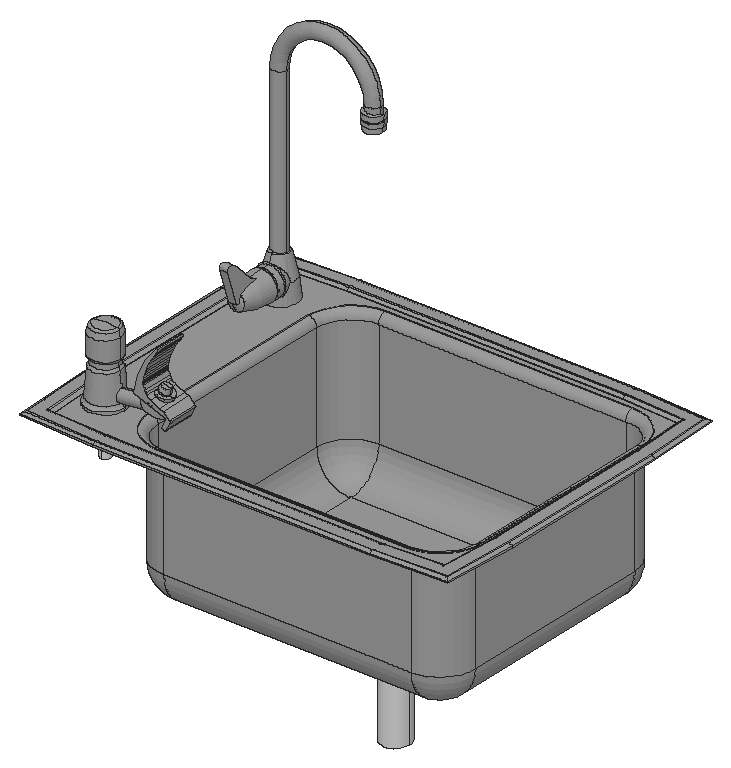
Revit family "equip-sink-clsrm-elkay-s-lustrtne-drkr2217l-vrc", category Plumbing Fixtures, Revit 2019
Family settings
  Round Connector Dimension = Use Radius
  Part Type = Normal
  OmniClass Number = 23.45.05.14.14.27
  OmniClass Title = Service Sinks
  Work Plane-Based = Yes
  Always vertical = Yes
  Cut with Voids When Loaded = No
  Shared = No
  Room Calculation Point = No
Parameters (values of type "DRKR2217LVRC")
  URL = "www.elkayusa.com"
  Stem Material = Metal - Steel
  Specification Sheet URL = "http://www.elkayusa.com/cps/rde/xbcr/elkay/01-20G_DRKR(Q)2217_DRKAD(Q)2217.pdf"
  Sink Width = 1' - 5"
  Sink Part = "DRKR2217L-2"
  Sink Material = Metal - Steel - Stainless - Chrome
  Sink Length = 1' - 10"
  Sink Ledge Right Width Hidden = if(Sink Ledge Right Width > 0' 1 1/2", Sink Ledge Right Width, 0' 1 1/2")  # 0' - 1 1/2"
  Sink Ledge Right Width = 0' - 1 1/2"
  Sink Ledge Left Width Hidden = if(Sink Ledge Left Width > 0' 1 1/2", Sink Ledge Left Width, 0' 1 1/2")  # 0' - 4 1/2"
  Sink Ledge Left Width = 0' - 4 1/2"
  Sink Ledge Front Width Hidden = if(Sink Ledge Front Width > 0' 1 1/2", Sink Ledge Front Width, 0' 1 1/2")  # 0' - 1 3/4"
  Sink Ledge Front Width = 0' - 1 3/4"
  Sink Ledge Back Width Hidden = if(Sink Ledge Back Width > 0' 1 1/2", Sink Ledge Back Width, 0' 1 1/2")  # 0' - 1 3/4"
  Sink Ledge Back Width = 0' - 1 3/4"
  Right Faucet Hole Three Top = 0' - 0 1/8"
  Right Faucet Hole Three = Right Faucet Hole Three Top > 0' 0 63/256"  # no
  Right Faucet Hole OneTwo Top = 0' - 0 1/8"
  Right Faucet Hole OneTwo = Right Faucet Hole OneTwo Top > 0' 0 63/256"  # no
  Right Faucet Hole One to CL = 0' - 4"
  Nominal Radius = Nominal Dia / 2  # 0' - 0 3/16"
  Nominal Dia = 0' - 0 3/8"
  Left Faucet Hole Three = Left Faucet Hole Three Top > 0' 0 63/256"  # no
  Left Faucet Hole OneTwo = Left Faucet Hole OneTwo Top > 0' 0 63/256"  # no
  HW Flow Rate = 2 GPM
  Faucet Part = "LKDVR208513L"
  Faucet Material = Metal - Steel - Stainless - Chrome
  Drain Part = "LKVR18"
  Drain Material = Metal - Steel - Stainless - Chrome
  CW Flow Rate = 2 GPM
  Bubbler Part = "LKVR1141A"
  Bubbler Nominal Radius = Bubbler Nominal Dia / 2  # 0' - 0 1/4"
  Bubbler Nominal Dia = 0' - 0 1/2"
  Bubbler Material = Metal - Steel - Stainless - Chrome
  Bubbler CW Flow Rate = 2 GPM
  Bubbler Back Left = Bubbler Back Left Top > 0' 0 63/256"  # yes
  Bubbler Front Right = Bubbler Front Right Top > 0' 0 63/256"  # no
  Bubbler Front Left = Bubbler Front Left Top > 0' 0 63/256"  # yes
  Bubbler Back Right = Bubbler Back Right Top > 0' 0 63/256"  # no
  Back Faucet Hole Three = Back Faucet Hole Three Top > 0' 0 63/256"  # no
  Back Faucet Hole OneTwo = Back Faucet Hole OneTwo Top > 0' 0 63/256"  # no
  Back Faucet CL to Back = 0' - 2 1/4"
  Left Faucet Hole Three Top = 0' - 0 1/8"
  Left Faucet Hole OneTwo Top = 0' - 0 1/8"
  Bubbler Back Right Top = 0' - 0 1/8"
  Bubbler Front Right Radius = 0' - 0 9/16"
  Bubbler Front Left Radius = 0' - 0 9/16"
  Back Faucet Hole One to CL = 0' - 4"
  Drain CL LR to Left Bowl Edge = Bowl Length / 2  # 0' - 8"
  Bubbler Right from Edge = 0' - 2 1/4"
  Bubbler Back Left Top = 0' - 0 1/2"
  Bubbler Front Left Top = 0' - 0 1/2"
  Bubbler Left From Edge = 0' - 2 1/4"
  Back Faucet Hole Three Top = 0' - 0 1/8"
  Back Faucet Hole OneTwo Top = 0' - 0 1/8"
  Bowl Depth = 0' - 7 5/8"
  Bubbler Front Right Top = 0' - 0 1/8"
  Sanitary Flow Rate = 10 GPM
  OmniClass Title = "Service Sinks"
  OmniClass Code = "23.45.05.14.14.27"
  Sanitary Nominal Radius = Sanitary Nominal Dia / 2  # 0' - 0 3/4"
  Sanitary Nominal Dia = 0' - 1 1/2"
  Model = "DRKR2217LVRC"
  Minimum Cabinet Width = "27\""
  MasterFormat Title = "Commercial Sinks"
  MasterFormat Number = "22.42.16.16"
  Manufacturer = "Elkay Manufacturing"
  Bowl Drain Location FB = 0' - 6 3/4"
  Description = "Lustertone Classroom Single Bowl Sink"  # constant formula
  Default Elevation = 3' - 0"
  Deep Specification Sheet URL = ""
  Date Created = "2011-05-08"
  Bowl Length = Sink Length - Sink Ledge Left Width - Sink Ledge Right Width  # 1' - 4"
  Bowl Width = (Sink Width - Sink Ledge Front Width - Sink Ledge Back Width)  # 1' - 1 1/2"
  Assembly Code = "D2010410"
Reference planes (in)
  plane 1 "CL Sink Hole": y = 0
  plane 2 "Sink Deck": z = 0
  plane 3 "Center (Left/Right)": x = 0
  plane 4 "Basin Edge Left": x = -6.5
  plane 5 "Basin Edge Right": x = 9.5
  plane 6 "Back Right Bowl Edge": y = 6.75
  plane 7 "Basin Edge Front": y = -6.75
  plane 8 "Left": x = -11
  plane 9 "Right": x = 11
  plane 10 "Back": y = 8.5
  plane 11 "Front": y = -8.5
  plane 12 "Sink Angle Back Corner": y = 8.3125
  plane 13 "Sink Angle Right Corner": x = 10.8125
  plane 14 "Sink Angle Right": x = 7
  plane 15 "Sink Angle Back": y = 4.5
  plane 16 "Sink Angle Left": x = -7
  plane 17 "Sink Angle Left Corner": x = -10.8125
  plane 18 "Sink Angle Front Corner": y = -8.3125
  plane 19 "Sink Angle Front": y = -4.5
  plane 20 "Edge Opening Right": x = 9.921875
  plane 21 "Edge Opening Left": x = -6.921875
  plane 22 "Sink Top Piece Bottom Face": z = -0.0625
  plane 23 "Top Radius Corner Prot": z = -0.421875
  plane 24 "Left Sink Bottom Piece Left Edge": x = -4.8125
  plane 25 "Sink Bottom Piece Right Edge": x = 7.8125
  plane 26 "Sink Bottom Piece Back Edge": y = 5.0625
  plane 27 "Sink Bottom Piece Front Edge": y = -5.0625
  plane 28 "Center (Front/Back)": y = 0
  plane 29 "Right Bowl CL Drain": x = 1.5
  plane 30 "Edge Opening Front": y = -7.171875
  plane 31 "Right Sink Right Edge Radius": x = 7.75
  plane 32 "Front Edge Bottom Edge Radius": y = -5
  plane 33 "Back Edge Bottom Edge Radius": y = 5
  plane 34 "Back Right Edge Opening": y = 7.171875
  plane 35 "Left Bowl Bottom Edge Radius": x = -4.75
  plane 36 "Masking Region": z = 1.2515695
  plane 37 "Sink Angle Right Inside Corner": x = 9.9925507
  plane 38 "Sink Angle Back Inside Corner": y = 7.4925507
  plane 39 "Sink Angle Front Inside Corner": y = -7.4925507
  plane 40 "Sink Angle Left Inside Corner": x = -9.9925507
  plane 41 "Sink Angle Right Inside Offset Corner": x = 9.8511143
  plane 42 "Sink Angle Back Inside Offset Corner": y = 7.3511143
  plane 43 "Sink Angle Front Inside Offset Corner": y = -7.3511143
  plane 44 "Sink Angle Left Inside Offset Corner": x = -9.8511143
  plane 45 "Right Bowl Bottom Top Face": z = -7.5047681
  plane 46 "Right Bowl Bottom Bottom Face": z = -7.5672681
  plane 47 "Right Bowl Bottom Top of Radius": z = -5.8172681
  plane 48 "Right Sink Drain Elev Bottom": z = -9.0047681
  plane 49 "Right Sink Drain Top Elev": z = -8.7547681
  plane 50 "Faucet Hole Bottom": z = -0.25
  plane 51 "Left Faucet Hole Top": z = -0.125
  plane 52 "Faucet Hole CL Front/Back": y = 6.25
  plane 53 "Faucet Back Hole One-Two": z = -0.125
  plane 54 "Right Faucet Hole 1": x = -2.5
  plane 55 "Right Faucet Hole 2": x = 1.5
  plane 56 "Right Faucet Hole 3": x = 5.5
  plane 57 "Left  Bubbler CL Left/Right": x = -8.75
  plane 58 "Right Bubbler CL Left/Right": x = 8.75
  plane 59 "Bubbler Front CL": y = -5.5
  plane 60 "Top of Rim": z = 0.1202319
  plane 61 "CL Bowl Left/Right": x = 1.5
  plane 62 "Left Front Bubbler Top": z = 0.25
  plane 63 "Faucet Back Hole Three": z = -0.125
  plane 64 "Bubbler Rear CL F B": y = 5.5
  plane 65 "Bubbler Rear Left Top": z = 0.25
  plane 66 "Right Faucet Hole Three": y = 4
  plane 67 "Right Faucet Hole Two": y = 0
  plane 68 "Right Faucet Hole One": y = -4
  plane 69 "CL Bowl Front/Back": y = 0
  plane 70 "Right Faucet Hole OneTwo Top": z = -0.125
  plane 71 "Right Faucet Hole Three Top": z = -0.125
  plane 72 "Left Faucet Hole OneTwo Top": z = -0.125
  plane 73 "Left Faucet Hole Three Top": z = -0.125
  plane 74 "Bubble Rear Right Top": z = -0.125
Forms (in)
  Extrusion 1, solid, material "Metal - Steel - Stainless - Chrome" <- "Sink Material"
    sketch origin (0, 0, 0) x (1, 0, 0) y (0, 1, 0)
      loop
        line (-4.75, -7.171875) -> (7.75, -7.171875)
        arc (7.75, -7.171875) -> (9.2857475, -6.5357475) -> (9.921875, -5) r 2.171875
        line (9.921875, -5) -> (9.921875, 5)
        arc (9.921875, 5) -> (9.2857475, 6.5357475) -> (7.75, 7.171875) r 2.171875
        line (7.75, 7.171875) -> (-4.75, 7.171875)
        arc (-4.75, 7.171875) -> (-6.2857475, 6.5357475) -> (-6.921875, 5) r 2.171875
        line (-6.921875, 5) -> (-6.921875, -5)
        arc (-6.921875, -5) -> (-6.2857475, -6.5357475) -> (-4.75, -7.171875) r 2.171875
      loop
        line (-7, 7.4925507) -> (-9.8511143, 7.3511143) -> (-9.9925507, 4.5) -> (-9.9925507, -4.5) -> (-9.8511143, -7.3511143) -> (-7, -7.4925507) -> (7, -7.4925507) -> (9.8511143, -7.3511143) -> (9.9925507, -4.5) -> (9.9925507, 4.5) -> (9.8511143, 7.3511143) -> (7, 7.4925507) -> (-7, 7.4925507)
    from -0.0625 to 0
  Extrusion 2, solid, material "Metal - Steel - Stainless - Chrome" <- "Sink Material"
    sketch origin (0, 0, 0) x (1, 0, 0) y (0, 1, 0)
      loop
        arc (-4.75, 5.0625) -> (-4.7941942, 5.0441942) -> (-4.8125, 5) r 0.0625
        line (-4.8125, 5) -> (-4.8125, -5)
        arc (-4.8125, -5) -> (-4.7941942, -5.0441942) -> (-4.75, -5.0625) r 0.0625
        line (-4.75, -5.0625) -> (7.75, -5.0625)
        arc (7.75, -5.0625) -> (7.7941942, -5.0441942) -> (7.8125, -5) r 0.0625
        line (7.8125, -5) -> (7.8125, 5)
        arc (7.8125, 5) -> (7.7941942, 5.0441942) -> (7.75, 5.0625) r 0.0625
        line (7.75, 5.0625) -> (-4.75, 5.0625)
      loop
        circle (1.5, 0) r 2.25
    from -7.5672681 to -7.5047681
  Sweep 3, solid, material "Metal - Steel - Stainless - Chrome" <- "Sink Material"
    path origin (0, 0, -7.5047681) x (-1, 0, 0) y (0, -1, 0)
      loop
        circle (-1.5, 0) r 2.25
    profile "profile-elkay-sink-d4-csk : profile-elkay-sink-d4-csk" origin (1.5, -2.25, -7.5047681) x (0, 1, 0) y (0, 0, 1)
      loop
        line (0.5, -0.2911069) -> (0.1564602, -0.1343744)
        arc (0.1564602, -0.1343744) -> (0.1424945, -0.125589) -> (0.1313144, -0.1134552) r 0.0625
        line (0.1313144, -0.1134552) -> (0.0881719, -0.0522605)
        arc (0.0881719, -0.0522605) -> (0.0506391, -0.015074) -> (0, 0) r 0.1086
        line (0, 0) -> (0, -0.0461763)
        arc (0, -0.0461763) -> (0.0262058, -0.0541921) -> (0.0464633, -0.0726483) r 0.0625
        line (0.0464633, -0.0726483) -> (0.093406, -0.1396891)
        arc (0.093406, -0.1396891) -> (0.1129384, -0.1609677) -> (0.1373891, -0.1763448) r 0.1086
        line (0.1373891, -0.1763448) -> (0.5, -0.3417784) -> (0.5, -0.2911069)
  Sweep 4, solid, material "Metal - Steel - Stainless - Chrome" <- "Sink Material"
    path origin (0, 0, 0) x (1, 0, 0) y (0, 1, 0)
      loop
        line (-4.75, -6.75) -> (7.75, -6.75)
        arc (7.75, -6.75) -> (8.9874369, -6.2374369) -> (9.5, -5) r 1.75
        line (9.5, -5) -> (9.5, 5)
        arc (9.5, 5) -> (8.9874369, 6.2374369) -> (7.75, 6.75) r 1.75
        line (7.75, 6.75) -> (-4.75, 6.75)
        arc (-4.75, 6.75) -> (-5.9874369, 6.2374369) -> (-6.5, 5) r 1.75
        line (-6.5, 5) -> (-6.5, -5)
        arc (-6.5, -5) -> (-5.9874369, -6.2374369) -> (-4.75, -6.75) r 1.75
    profile origin (1.5, -6.75, 0) x (0, 1, 0) y (0, 0, 1)
      loop
        arc (0, -0.421875) -> (-0.1235643, -0.1235643) -> (-0.421875, 0) r 0.421875
        line (-0.421875, 0) -> (-0.421875, -0.0625)
        arc (-0.421875, -0.0625) -> (-0.1677585, -0.1677585) -> (-0.0625, -0.421875) r 0.359375
        line (-0.0625, -0.421875) -> (-0.0625, -5.8172681)
        arc (-0.0625, -5.8172681) -> (0.4500631, -7.054705) -> (1.6875, -7.5672681) r 1.75
        line (1.6875, -7.5672681) -> (1.6875, -7.5047681)
        arc (1.6875, -7.5047681) -> (0.4942573, -7.0105108) -> (0, -5.8172681) r 1.6875
        line (0, -5.8172681) -> (0, -0.421875)
  Extrusion 5, solid, material "Glass", not visible
    sketch origin (0, 0, -4.7547681) x (0, -1, 0) y (1, 0, 0)
      loop
        circle (0, 1.5) r 0.75
    from -4.25 to -4
  Sweep 6, solid, material "Metal - Steel - Stainless - Chrome" <- "Sink Material"
    path origin (0, 0, 0) x (1, 0, 0) y (0, 1, 0)
      loop
        line (-7, -8.5) -> (7, -8.5) -> (10.8125, -8.3125) -> (11, -4.5) -> (11, 4.5) -> (10.8125, 8.3125) -> (7, 8.5) -> (-7, 8.5) -> (-10.8125, 8.3125) -> (-11, 4.5) -> (-11, -4.5) -> (-10.8125, -8.3125) -> (-7, -8.5)
    profile "profile-elkay-sink-rim-9 : profile-elkay-sink-rim-9" origin (0, -8.5, 0) x (0, 1, 0) y (0, 0, 1)
      loop
        line (0, 0.0163327) -> (0, -0.0360681) -> (0.2039181, 0.0741316) -> (0.8052651, 0.0741316) -> (1.0074493, -0.0546586) -> (1.0074493, 0) -> (0.841093, 0.1059673)
        arc (0.841093, 0.1059673) -> (0.8176388, 0.1165931) -> (0.7921483, 0.1202319) r 0.091102
        line (0.7921483, 0.1202319) -> (0.2153023, 0.1202319)
        arc (0.2153023, 0.1202319) -> (0.1929626, 0.1174506) -> (0.1719868, 0.1092765) r 0.0911081
        line (0.1719868, 0.1092765) -> (0, 0.0163327)
  Extrusion 7, void
    sketch origin (0, 0, 0) x (1, 0, 0) y (0, 1, 0)
      loop
        circle (-8.75, -5.5) r 0.5625
    from -0.25 to 0.25
  Extrusion 8, void
    sketch origin (0, 0, 0) x (1, 0, 0) y (0, 1, 0)
      loop
        circle (-8.75, 5.5) r 0.5625
    from -0.25 to 0.25
Cuts and joins
  joined: Extrusion 2, Sweep 3, Sweep 4
  Extrusion 7, Extrusion 8 cuts Extrusion 1
Lines and regions (in)
  Masking region 1
    outline origin (0, 0, 1.2515695) x (-1, 0, 0) y (0, -1, 0)
      loop
        line (7, -8.5) -> (10.8125, -8.3125) -> (11, -4.5) -> (11, 4.5) -> (10.8125, 8.3125) -> (7, 8.5) -> (-7, 8.5) -> (-10.8125, 8.3125) -> (-11, 4.5) -> (-11, -4.5) -> (-10.8125, -8.3125) -> (-7, -8.5) -> (7, -8.5)
  reference lines, not visible
    curve 1: line (7, 8.5, 0) -> (10.8125, 8.3125, 0)
    curve 2: line (10.8125, 8.3125, 0) -> (11, 4.5, 0)
    curve 3: line (-7, 8.5, 0) -> (-10.8125, 8.3125, 0)
    curve 4: line (-10.8125, 8.3125, 0) -> (-11, 4.5, 0)
    curve 5: line (-11, -4.5, 0) -> (-10.8125, -8.3125, 0)
    curve 6: line (-10.8125, -8.3125, 0) -> (-7, -8.5, 0)
    curve 7: line (11, -4.5, 0) -> (10.8125, -8.3125, 0)
    curve 8: line (10.8125, -8.3125, 0) -> (7, -8.5, 0)
    curve 9: arc (0, -6.75, -0.421875) -> (0, -6.8735643, -0.1235643) -> (0, -7.171875, 0) r 0.421875
    curve 10: arc (7.8125, 5, 0) -> (7.7941942, 5.0441942, 0) -> (7.75, 5.0625, 0) r 0.0625
    curve 11: arc (-5.8125, 5, 0) -> (-5.7941942, 5.0441942, 0) -> (-5.75, 5.0625, 0) r 0.0625
    curve 12: arc (-5.75, -5.0625, 0) -> (-5.7941942, -5.0441942, 0) -> (-5.8125, -5, 0) r 0.0625
    curve 13: arc (7.8125, -5, 0) -> (7.7941942, -5.0441942, 0) -> (7.75, -5.0625, 0) r 0.0625
    curve 14: arc (9.5, 5, 0) -> (8.9874369, 6.2374369, 0) -> (7.75, 6.75, 0) r 1.75
    curve 15: arc (9.5, -5, 0) -> (8.9874369, -6.2374369, 0) -> (7.75, -6.75, 0) r 1.75
    curve 21: circle (1.5, 0, -9.0047681) r 0.75 normal (0, 0, 1)
  reference lines
    curve 16: arc (9.921875, 5, 0) -> (9.2857475, 6.5357475, 0) -> (7.75, 7.171875, 0) r 2.171875
    curve 17: arc (9.921875, -5, 0) -> (9.2857475, -6.5357475, 0) -> (7.75, -7.171875, 0) r 2.171875
    curve 22: line (9.9925507, -4.5, 0) -> (9.8511143, -7.3511143, 0)
    curve 23: line (7, -7.4925507, 0) -> (9.8511143, -7.3511143, 0)
    curve 24: line (-9.9925507, -4.5, 0) -> (-9.8511143, -7.3511143, 0)
    curve 25: line (9.9925507, 4.5, 0) -> (9.8511143, 7.3511143, 0)
    curve 26: line (9.8511143, 7.3511143, 0) -> (7, 7.4925507, 0)
    curve 27: line (-7, 7.4925507, 0) -> (-9.8511143, 7.3511143, 0)
    curve 28: line (-9.8511143, 7.3511143, 0) -> (-9.9925507, 4.5, 0)
    curve 29: line (-7, -7.4925507, 0) -> (-9.8511143, -7.3511143, 0)
    curve 30: arc (0, -5.0625, -7.5047681) -> (0, -6.2557427, -7.0105108) -> (0, -6.75, -5.8172681) r 1.6875
    curve 31: arc (-4.75, -5.0625, 0) -> (-4.7941942, -5.0441942, 0) -> (-4.8125, -5, 0) r 0.0625
    curve 32: arc (-4.75, -6.75, 0) -> (-5.9874369, -6.2374369, 0) -> (-6.5, -5, 0) r 1.75
    curve 33: arc (-6.921875, -5, 0) -> (-6.2857475, -6.5357475, 0) -> (-4.75, -7.171875, 0) r 2.171875
    curve 34: arc (-6.5, 5, 0) -> (-5.9874369, 6.2374369, 0) -> (-4.75, 6.75, 0) r 1.75
    curve 35: arc (-6.921875, 5, 0) -> (-6.2857475, 6.5357475, 0) -> (-4.75, 7.171875, 0) r 2.171875
    curve 36: arc (-4.8125, 5, 0) -> (-4.7941942, 5.0441942, 0) -> (-4.75, 5.0625, 0) r 0.0625
    curve 54: circle (-8.75, -5.5, 0) r 0.5625 normal (0, 0, 1)
  symbolic lines, style "Sinks"
    curve 18: line (9.5, 5, 1.2515695) -> (9.5, -5, 1.2515695)
    curve 19: arc (9.5, -5, 1.2515695) -> (8.9874369, -6.2374369, 1.2515695) -> (7.75, -6.75, 1.2515695) r 1.75
    curve 20: arc (9.5, 5, 1.2515695) -> (8.9874369, 6.2374369, 1.2515695) -> (7.75, 6.75, 1.2515695) r 1.75
    curve 37: line (-4.75, 6.75, 1.2515695) -> (7.75, 6.75, 1.2515695)
    curve 38: line (-4.75, -6.75, 1.2515695) -> (7.75, -6.75, 1.2515695)
    curve 39: line (-6.5, 5, 1.2515695) -> (-6.5, -4.7191231, 1.2515695)
    curve 40: arc (-4.75, -6.75, 1.2515695) -> (-5.388996, -6.6291667, 1.2515695) -> (-5.9397497, -6.2833533, 1.2515695) r 1.75
    curve 41: arc (-6.5, 5, 1.2515695) -> (-6.4988979, 5.0620968, 1.2515695) -> (-6.4955931, 5.1241153, 1.2515695) r 1.75
    curve 42: line (-7, 7.4925507, 1.2515695) -> (7, 7.4925507, 1.2515695)
    curve 43: line (-9.9925507, -4.5, 1.2515695) -> (-9.9925507, 4.5, 1.2515695)
    curve 44: line (9.9925507, 4.5, 1.2515695) -> (9.9925507, -4.5, 1.2515695)
    curve 45: line (7, -7.4925507, 1.2515695) -> (-7, -7.4925507, 1.2515695)
    curve 46: line (9.9925507, -4.5, 1.2515695) -> (9.8511143, -7.3511143, 1.2515695)
    curve 47: line (7, -7.4925507, 1.2515695) -> (9.8511143, -7.3511143, 1.2515695)
    curve 48: line (-7, -7.4925507, 1.2515695) -> (-9.8511143, -7.3511143, 1.2515695)
    curve 49: line (-7, 7.4925507, 1.2515695) -> (-9.8511143, 7.3511143, 1.2515695)
    curve 50: line (-9.8511143, 7.3511143, 1.2515695) -> (-9.9925507, 4.5, 1.2515695)
    curve 51: line (9.8511143, 7.3511143, 1.2515695) -> (7, 7.4925507, 1.2515695)
    curve 52: line (9.9925507, 4.5, 1.2515695) -> (9.8511143, 7.3511143, 1.2515695)
    curve 53: line (-9.9925507, -4.5, 1.2515695) -> (-9.8511143, -7.3511143, 1.2515695)
    curve 57: circle (1.5, 0, 1.2515695) r 2.25 normal (0, 0, 1)
    curve 58: circle (1.5, 0, 1.2515695) r 1.75 normal (0, 0, 1)
    curve 59: arc (-6.2651505, 5.875682, 1.2515695) -> (-5.624659, 6.5157413, 1.2515695) -> (-4.75, 6.75, 1.2515695) r 1.75
  symbolic lines, style "InvisibleLines", visible <- "Bubbler Back Left"
    curve 55: circle (-8.75, 5.5, 1.2515695) r 0.5625 normal (0, 0, 1)
  symbolic lines, style "InvisibleLines", visible <- "Bubbler Front Left"
    curve 56: circle (-8.75, -5.5, 1.2515695) r 0.5625 normal (0, 0, 1)
  symbolic lines, style "InvisibleLines"
    curve 60: arc (-6.4955931, 5.1241153, 1.2515695) -> (-6.4231185, 5.5130055, 1.2515695) -> (-6.2651505, 5.875682, 1.2515695) r 1.75
    curve 61: line (-6.5, -4.7191231, 1.2515695) -> (-6.5, -5, 1.2515695)
    curve 62: arc (-5.9397497, -6.2833533, 1.2515695) -> (-6.3538332, -5.7001565, 1.2515695) -> (-6.5, -5, 1.2515695) r 1.75
Dimensions and locks (in)
  "Sink Ledge Left Width Hidden": plane 8 "Left" to plane 4 "Basin Edge Left"
  "Sink Ledge Right Width Hidden": plane 5 "Basin Edge Right" to plane 9 "Right"
  "Sink Length": plane 8 "Left" to plane 9 "Right"
  "Bowl Drain Location FB": plane 6 "Back Right Bowl Edge" to plane 1 "CL Sink Hole"
  "Sink Ledge Back Width Hidden": plane 10 "Back" to plane 6 "Back Right Bowl Edge"
  "Sink Ledge Front Width Hidden": plane 7 "Basin Edge Front" to plane 11 "Front"
  locked: plane 13 "Sink Angle Right Corner" to plane 9 "Right" at 0.1875
  locked: plane 10 "Back" to plane 12 "Sink Angle Back Corner" at 0.1875
  locked: plane 14 "Sink Angle Right" to plane 9 "Right" at 4
  locked: plane 10 "Back" to plane 15 "Sink Angle Back" at 4
  locked: plane 8 "Left" to plane 17 "Sink Angle Left Corner" at 0.1875
  locked: plane 8 "Left" to plane 16 "Sink Angle Left" at 4
  locked: plane 18 "Sink Angle Front Corner" to plane 11 "Front" at 0.1875
  locked: plane 19 "Sink Angle Front" to plane 11 "Front" at 4
  "Sink Width": plane 10 "Back" to plane 11 "Front"
  locked: plane 21 "Edge Opening Left" to plane 4 "Basin Edge Left" at 0.421875
  locked: plane 27 "Sink Bottom Piece Front Edge" to plane 7 "Basin Edge Front" at 1.6875
  locked: plane 4 "Basin Edge Left" to plane 24 "Left Sink Bottom Piece Left Edge" at 1.6875
  locked: plane 25 "Sink Bottom Piece Right Edge" to plane 5 "Basin Edge Right" at 1.6875
  locked: plane 6 "Back Right Bowl Edge" to plane 26 "Sink Bottom Piece Back Edge" at 1.6875
  locked: plane 5 "Basin Edge Right" to plane 20 "Edge Opening Right" at 0.421875
  equal spacing: plane 10 "Back", plane 28 "Center (Front/Back)", plane 11 "Front"
  equal spacing: plane 8 "Left", plane 3 "Center (Left/Right)", plane 9 "Right"
  locked: plane 31 "Right Sink Right Edge Radius" to plane 25 "Sink Bottom Piece Right Edge" at 0.0625
  locked: plane 32 "Front Edge Bottom Edge Radius" to plane 27 "Sink Bottom Piece Front Edge" at 0.0625
  locked: plane 26 "Sink Bottom Piece Back Edge" to plane 33 "Back Edge Bottom Edge Radius" at 0.0625
  locked: plane 34 "Back Right Edge Opening" to plane 6 "Back Right Bowl Edge" at 0.421875
  locked: plane 7 "Basin Edge Front" to plane 30 "Edge Opening Front" at 0.421875
  locked: plane 24 "Left Sink Bottom Piece Left Edge" to plane 35 "Left Bowl Bottom Edge Radius" at 0.0625
  locked: plane 2 "Sink Deck" to plane 23 "Top Radius Corner Prot" at 0.421875
  locked: plane 2 "Sink Deck" to plane 22 "Sink Top Piece Bottom Face" at 0.0625
  locked: plane 36 "Masking Region" to plane 2 "Sink Deck" at 1.2515695
  locked: plane 37 "Sink Angle Right Inside Corner" to plane 9 "Right" at 1.0074493
  locked: plane 8 "Left" to plane 40 "Sink Angle Left Inside Corner" at 1.0074493
  locked: plane 10 "Back" to plane 38 "Sink Angle Back Inside Corner" at 1.0074493
  locked: plane 39 "Sink Angle Front Inside Corner" to plane 11 "Front" at 1.0074493
  locked: plane 41 "Sink Angle Right Inside Offset Corner" to plane 37 "Sink Angle Right Inside Corner" at 0.1414364
  locked: plane 42 "Sink Angle Back Inside Offset Corner" to plane 38 "Sink Angle Back Inside Corner" at 0.1414364
  locked: plane 39 "Sink Angle Front Inside Corner" to plane 43 "Sink Angle Front Inside Offset Corner" at 0.1414364
  locked: plane 40 "Sink Angle Left Inside Corner" to plane 44 "Sink Angle Left Inside Offset Corner" at 0.1414364
  locked: plane 47 "Right Bowl Bottom Top of Radius" to plane 45 "Right Bowl Bottom Top Face" at 1.6875
  locked: plane 45 "Right Bowl Bottom Top Face" to plane 46 "Right Bowl Bottom Bottom Face" at 0.0625
  "Bowl Depth": plane 60 "Top of Rim" to plane 45 "Right Bowl Bottom Top Face"
  locked: plane 49 "Right Sink Drain Top Elev" to plane 48 "Right Sink Drain Elev Bottom" at 0.25
  locked: plane 45 "Right Bowl Bottom Top Face" to plane 48 "Right Sink Drain Elev Bottom" at 1.5
  "Back Faucet CL to Back": plane 10 "Back" to plane 52 "Faucet Hole CL Front/Back"
  locked: plane 2 "Sink Deck" to plane 50 "Faucet Hole Bottom" at 0.25
  "Bubbler Front Right Top": plane 51 "Left Faucet Hole Top" to plane 50 "Faucet Hole Bottom"
  "Back Faucet Hole OneTwo Top": plane 53 "Faucet Back Hole One-Two" to plane 50 "Faucet Hole Bottom"
  "Drain CL LR to Left Bowl Edge": plane 4 "Basin Edge Left" to plane 29 "Right Bowl CL Drain"
  locked: plane 54 "Right Faucet Hole 1" to plane 55 "Right Faucet Hole 2" at 4
  locked: plane 54 "Right Faucet Hole 1" to plane 56 "Right Faucet Hole 3" at 8
  "Bubbler Right from Edge": plane 58 "Right Bubbler CL Left/Right" to plane 9 "Right"
  "Bubbler Left From Edge": plane 8 "Left" to plane 57 "Left  Bubbler CL Left/Right"
  locked: plane 59 "Bubbler Front CL" to plane 11 "Front" at 3
  locked: plane 60 "Top of Rim" to plane 2 "Sink Deck" at 0.1202319
  "Back Faucet Hole One to CL": plane 54 "Right Faucet Hole 1" to plane 61 "CL Bowl Left/Right"
  equal spacing: plane 4 "Basin Edge Left", plane 61 "CL Bowl Left/Right", plane 5 "Basin Edge Right"
  "Bubbler Front Left Top": plane 62 "Left Front Bubbler Top" to plane 50 "Faucet Hole Bottom"
  "Back Faucet Hole Three Top": plane 50 "Faucet Hole Bottom" to plane 63 "Faucet Back Hole Three"
  locked: plane 10 "Back" to plane 64 "Bubbler Rear CL F B" at 3
  "Bubbler Back Left Top": plane 65 "Bubbler Rear Left Top" to plane 50 "Faucet Hole Bottom"
  equal spacing: plane 6 "Back Right Bowl Edge", plane 69 "CL Bowl Front/Back", plane 7 "Basin Edge Front"
  "Right Faucet Hole One to CL": plane 69 "CL Bowl Front/Back" to plane 68 "Right Faucet Hole One"
  locked: plane 67 "Right Faucet Hole Two" to plane 68 "Right Faucet Hole One" at 4
  locked: plane 66 "Right Faucet Hole Three" to plane 68 "Right Faucet Hole One" at 8
  "Right Faucet Hole OneTwo Top": plane 70 "Right Faucet Hole OneTwo Top" to plane 50 "Faucet Hole Bottom"
  "Right Faucet Hole Three Top": plane 71 "Right Faucet Hole Three Top" to plane 50 "Faucet Hole Bottom"
  "Left Faucet Hole OneTwo Top": plane 72 "Left Faucet Hole OneTwo Top" to plane 50 "Faucet Hole Bottom"
  "Left Faucet Hole Three Top": plane 73 "Left Faucet Hole Three Top" to plane 50 "Faucet Hole Bottom"
  "Bubbler Back Right Top": plane 74 "Bubble Rear Right Top" to plane 50 "Faucet Hole Bottom"
  "Sanitary Nominal Radius": radius of curve 21
  "Bubbler Front Left Radius": radius of curve 54
  aligned: Extrusion 1 to plane 22 "Sink Top Piece Bottom Face"
  aligned and locked: Extrusion 2 sketch curve to curve 13
  aligned and locked: Extrusion 2 sketch curve to curve 10
  aligned and locked: Sweep 4 sketch curve to curve 14
  aligned and locked: Sweep 4 sketch curve to curve 15
  aligned and locked: Sweep 4 sketch curve to curve 9
  aligned and locked: Extrusion 1 sketch curve to curve 16
  aligned and locked: Extrusion 1 sketch curve to curve 17
  aligned and locked: plane 2 "Sink Deck" to Extrusion 1
  aligned and locked: Extrusion 1 to plane 22 "Sink Top Piece Bottom Face"
  aligned and locked: curve 19 to curve 15
  aligned and locked: curve 20 to curve 14
  aligned and locked: Extrusion 5 sketch curve to curve 21
  aligned and locked: Sweep 6 sketch curve to plane 11 "Front"
  aligned and locked: Sweep 6 sketch curve to plane 9 "Right"
  aligned and locked: Sweep 6 sketch curve to plane 10 "Back"
  aligned and locked: Sweep 6 sketch curve to plane 8 "Left"
  aligned and locked: Sweep 6 sketch curve to curve 4
  aligned and locked: Sweep 6 sketch curve to curve 5
  aligned and locked: Sweep 6 sketch curve to curve 7
  aligned and locked: Sweep 6 sketch curve to curve 8
  aligned and locked: Sweep 6 sketch curve to curve 2
  aligned and locked: Sweep 6 sketch curve to curve 1
  aligned and locked: Sweep 6 sketch curve to curve 3
  aligned and locked: Sweep 6 sketch curve to curve 6
  aligned and locked: Extrusion 1 sketch curve to plane 38 "Sink Angle Back Inside Corner"
  aligned and locked: Extrusion 1 sketch curve to plane 40 "Sink Angle Left Inside Corner"
  aligned and locked: Extrusion 1 sketch curve to plane 37 "Sink Angle Right Inside Corner"
  aligned and locked: Extrusion 1 sketch curve to plane 39 "Sink Angle Front Inside Corner"
  aligned and locked: Extrusion 1 sketch curve to curve 29
  aligned and locked: Extrusion 1 sketch curve to curve 24
  aligned and locked: Extrusion 1 sketch curve to curve 27
  aligned and locked: Extrusion 1 sketch curve to curve 28
  aligned and locked: Extrusion 1 sketch curve to curve 26
  aligned and locked: Extrusion 1 sketch curve to curve 25
  aligned and locked: Extrusion 1 sketch curve to curve 22
  aligned and locked: Extrusion 1 sketch curve to curve 23
  aligned and locked: Sweep 4 sketch curve to curve 30
  aligned and locked: plane 45 "Right Bowl Bottom Top Face" to cut or joined group of Extrusion 2, Sweep 3, Sweep 4
  aligned and locked: cut or joined group of Extrusion 2, Sweep 3, Sweep 4 to plane 46 "Right Bowl Bottom Bottom Face"
  aligned and locked: plane 49 "Right Sink Drain Top Elev" to Extrusion 5
  aligned and locked: Extrusion 5 to plane 48 "Right Sink Drain Elev Bottom"
  aligned and locked: Extrusion 7 to plane 50 "Faucet Hole Bottom"
  aligned: plane 51 "Left Faucet Hole Top" to Extrusion 7
  aligned: plane 53 "Faucet Back Hole One-Two" to Extrusion 7
  aligned and locked: Masking region 1 sketch curve to plane 10 "Back"
  aligned and locked: Masking region 1 sketch curve to plane 8 "Left"
  aligned and locked: Masking region 1 sketch curve to plane 9 "Right"
  aligned and locked: Masking region 1 sketch curve to plane 11 "Front"
  aligned and locked: Masking region 1 sketch curve to curve 6
  aligned and locked: Masking region 1 sketch curve to curve 5
  aligned and locked: Masking region 1 sketch curve to curve 4
  aligned and locked: Masking region 1 sketch curve to curve 3
  aligned and locked: Masking region 1 sketch curve to curve 1
  aligned and locked: Masking region 1 sketch curve to curve 2
  aligned and locked: Masking region 1 sketch curve to curve 7
  aligned and locked: Masking region 1 sketch curve to curve 8
  aligned and locked: Sweep 4 sketch curve to curve 34
  aligned and locked: Sweep 4 sketch curve to curve 32
  aligned and locked: Extrusion 2 sketch curve to curve 36
  aligned and locked: Extrusion 2 sketch curve to curve 31
  aligned and locked: Extrusion 1 sketch curve to curve 35
  aligned and locked: Extrusion 1 sketch curve to curve 33
  aligned and locked: curve 40 to curve 32
  aligned and locked: curve 41 to curve 34
  aligned and locked: Extrusion 7 to plane 62 "Left Front Bubbler Top"
  aligned and locked: Extrusion 8 to plane 50 "Faucet Hole Bottom"
  aligned and locked: plane 65 "Bubbler Rear Left Top" to Extrusion 8
  aligned and locked: Extrusion 7 sketch curve to curve 54
  aligned and locked: curve 56 to curve 54
  aligned: plane 19 "Sink Angle Front" to nested 1
  aligned and locked: plane 57 "Left  Bubbler CL Left/Right" to nested 1
  aligned and locked: plane 59 "Bubbler Front CL" to nested 1
  aligned and locked: plane 64 "Bubbler Rear CL F B" to nested 2
  aligned and locked: plane 57 "Left  Bubbler CL Left/Right" to nested 2
  aligned and locked: nested 3 to plane 69 "CL Bowl Front/Back"
  aligned and locked: nested 3 to plane 61 "CL Bowl Left/Right"
  aligned and locked: plane 64 "Bubbler Rear CL F B" to nested 4
  aligned and locked: plane 57 "Left  Bubbler CL Left/Right" to nested 4
  aligned and locked: plane 57 "Left  Bubbler CL Left/Right" to nested 5
  aligned and locked: plane 59 "Bubbler Front CL" to nested 5
Automatic sketch dimensions
  Sweep 4 sketch curve to Sweep 4 sketch curve = 0' - 0"  (x2)
  curve 9 to level = 0' - 0"
  curve 9 to plane 30 "Edge Opening Front" = 0' - 0"
  curve 9 to plane 7 "Basin Edge Front" = 0' - 0"
  curve 30 to plane 7 "Basin Edge Front" = 0' - 0"
  curve 30 to plane 27 "Sink Bottom Piece Front Edge" = 0' - 0"
  curve 30 to plane 45 "Right Bowl Bottom Top Face" = 0' - 0"
  profile plane to Sweep 4 sketch curve = 0' - 0 1/16"
  plane 1 "CL Sink Hole" to curve 21 = 0' - 0"
  curve 21 to plane 29 "Right Bowl CL Drain" = 0' - 0"
  Extrusion 8 sketch curve to plane 57 "Left  Bubbler CL Left/Right" = 0' - 0"
  Extrusion 8 sketch curve to plane 64 "Bubbler Rear CL F B" = 0' - 0"
  curve 52 to plane 15 "Sink Angle Back" = 0' - 0"
  curve 52 to plane 37 "Sink Angle Right Inside Corner" = 0' - 0"
  curve 46 to plane 41 "Sink Angle Right Inside Offset Corner" = 0' - 0"
  curve 51 to plane 41 "Sink Angle Right Inside Offset Corner" = 0' - 0"
  curve 47 to plane 14 "Sink Angle Right" = 0' - 0"
  curve 51 to plane 14 "Sink Angle Right" = 0' - 0"
  curve 42 to plane 16 "Sink Angle Left" = 0' - 0"
  curve 45 to plane 16 "Sink Angle Left" = 0' - 0"
  curve 53 to plane 43 "Sink Angle Front Inside Offset Corner" = 0' - 0"
  curve 53 to plane 44 "Sink Angle Left Inside Offset Corner" = 0' - 0"
  plane 42 "Sink Angle Back Inside Offset Corner" to curve 49 = 0' - 0"
  curve 49 to plane 44 "Sink Angle Left Inside Offset Corner" = 0' - 0"
  curve 43 to plane 19 "Sink Angle Front" = 0' - 0"
  curve 50 to plane 15 "Sink Angle Back" = 0' - 0"
  curve 50 to plane 40 "Sink Angle Left Inside Corner" = 0' - 0"
  curve 51 to plane 38 "Sink Angle Back Inside Corner" = 0' - 0"
  plane 42 "Sink Angle Back Inside Offset Corner" to curve 52 = 0' - 0"
  curve 44 to plane 19 "Sink Angle Front" = 0' - 0"
  curve 46 to plane 43 "Sink Angle Front Inside Offset Corner" = 0' - 0"
  plane 39 "Sink Angle Front Inside Corner" to curve 47 = 0' - 0"
  curve 10 to curve 14 = 0' - 0"
  curve 10 to curve 16 = 0' - 0"  (x2)
  curve 13 to curve 15 = 0' - 0"  (x2)
  curve 13 to curve 17 = 0' - 0"  (x2)
  curve 14 to curve 16 = 0' - 0"
  curve 31 to curve 32 = 0' - 0"  (x2)
  curve 31 to curve 33 = 0' - 0"  (x2)
  curve 34 to curve 35 = 0' - 0"  (x2)
  curve 34 to curve 36 = 0' - 0"  (x2)
  curve 4 to plane 8 "Left" = 0' - 0"
  curve 5 to plane 8 "Left" = 0' - 0"
  curve 5 to plane 17 "Sink Angle Left Corner" = 0' - 0"
  curve 4 to plane 12 "Sink Angle Back Corner" = 0' - 0"
  curve 4 to plane 17 "Sink Angle Left Corner" = 0' - 0"
  curve 24 to plane 19 "Sink Angle Front" = 0' - 0"
  curve 24 to plane 40 "Sink Angle Left Inside Corner" = 0' - 0"
  curve 28 to plane 15 "Sink Angle Back" = 0' - 0"
  curve 28 to plane 40 "Sink Angle Left Inside Corner" = 0' - 0"
  plane 42 "Sink Angle Back Inside Offset Corner" to curve 27 = 0' - 0"
  curve 27 to plane 44 "Sink Angle Left Inside Offset Corner" = 0' - 0"
  curve 24 to plane 43 "Sink Angle Front Inside Offset Corner" = 0' - 0"
  curve 24 to plane 44 "Sink Angle Left Inside Offset Corner" = 0' - 0"
  curve 54 to plane 57 "Left  Bubbler CL Left/Right" = 0' - 0"
  curve 27 to plane 16 "Sink Angle Left" = 0' - 0"
  curve 6 to plane 11 "Front" = 0' - 0"
  curve 6 to plane 16 "Sink Angle Left" = 0' - 0"
  curve 3 to plane 10 "Back" = 0' - 0"
  curve 3 to plane 16 "Sink Angle Left" = 0' - 0"
  curve 29 to plane 16 "Sink Angle Left" = 0' - 0"
  curve 35 to plane 21 "Edge Opening Left" = 0' - 0"
  curve 33 to plane 21 "Edge Opening Left" = 0' - 0"
  curve 34 to plane 4 "Basin Edge Left" = 0' - 0"
  curve 32 to plane 4 "Basin Edge Left" = 0' - 0"
  plane 32 "Front Edge Bottom Edge Radius" to curve 12 = 0' - 0"
  plane 33 "Back Edge Bottom Edge Radius" to curve 11 = 0' - 0"
  curve 12 to plane 27 "Sink Bottom Piece Front Edge" = 0' - 0"
  curve 11 to plane 26 "Sink Bottom Piece Back Edge" = 0' - 0"
  curve 31 to plane 24 "Left Sink Bottom Piece Left Edge" = 0' - 0"
  curve 36 to plane 24 "Left Sink Bottom Piece Left Edge" = 0' - 0"
  curve 31 to plane 27 "Sink Bottom Piece Front Edge" = 0' - 0"
  curve 31 to plane 35 "Left Bowl Bottom Edge Radius" = 0' - 0"
  curve 34 to plane 6 "Back Right Bowl Edge" = 0' - 0"
  curve 34 to plane 35 "Left Bowl Bottom Edge Radius" = 0' - 0"
  curve 16 to plane 31 "Right Sink Right Edge Radius" = 0' - 0"
  curve 15 to plane 7 "Basin Edge Front" = 0' - 0"
  curve 15 to plane 31 "Right Sink Right Edge Radius" = 0' - 0"
  curve 10 to plane 25 "Sink Bottom Piece Right Edge" = 0' - 0"
  curve 13 to plane 25 "Sink Bottom Piece Right Edge" = 0' - 0"
  curve 15 to plane 5 "Basin Edge Right" = 0' - 0"
  curve 14 to plane 5 "Basin Edge Right" = 0' - 0"
  curve 17 to plane 20 "Edge Opening Right" = 0' - 0"
  curve 16 to plane 20 "Edge Opening Right" = 0' - 0"
  curve 8 to plane 11 "Front" = 0' - 0"
  curve 8 to plane 14 "Sink Angle Right" = 0' - 0"
  curve 26 to plane 14 "Sink Angle Right" = 0' - 0"
  curve 23 to plane 14 "Sink Angle Right" = 0' - 0"
  curve 1 to plane 10 "Back" = 0' - 0"
  curve 1 to plane 14 "Sink Angle Right" = 0' - 0"
  curve 23 to plane 41 "Sink Angle Right Inside Offset Corner" = 0' - 0"
  curve 25 to plane 41 "Sink Angle Right Inside Offset Corner" = 0' - 0"
  curve 25 to plane 15 "Sink Angle Back" = 0' - 0"
  curve 25 to plane 37 "Sink Angle Right Inside Corner" = 0' - 0"
  curve 22 to plane 19 "Sink Angle Front" = 0' - 0"
  curve 22 to plane 37 "Sink Angle Right Inside Corner" = 0' - 0"
  curve 8 to plane 13 "Sink Angle Right Corner" = 0' - 0"
  curve 2 to plane 12 "Sink Angle Back Corner" = 0' - 0"
  curve 2 to plane 13 "Sink Angle Right Corner" = 0' - 0"
  curve 2 to plane 9 "Right" = 0' - 0"
  curve 7 to plane 9 "Right" = 0' - 0"
  curve 8 to plane 18 "Sink Angle Front Corner" = 0' - 0"
  curve 6 to plane 18 "Sink Angle Front Corner" = 0' - 0"
  plane 39 "Sink Angle Front Inside Corner" to curve 23 = 0' - 0"
  plane 39 "Sink Angle Front Inside Corner" to curve 29 = 0' - 0"
  curve 22 to plane 43 "Sink Angle Front Inside Offset Corner" = 0' - 0"
  curve 54 to plane 59 "Bubbler Front CL" = 0' - 0"
  curve 5 to plane 19 "Sink Angle Front" = 0' - 0"
  curve 7 to plane 19 "Sink Angle Front" = 0' - 0"
  plane 33 "Back Edge Bottom Edge Radius" to curve 10 = 0' - 0"
  curve 4 to plane 15 "Sink Angle Back" = 0' - 0"
  curve 2 to plane 15 "Sink Angle Back" = 0' - 0"
  plane 42 "Sink Angle Back Inside Offset Corner" to curve 26 = 0' - 0"
  curve 27 to plane 38 "Sink Angle Back Inside Corner" = 0' - 0"
  curve 26 to plane 38 "Sink Angle Back Inside Corner" = 0' - 0"
  plane 4 "Basin Edge Left" to curve 12 = 0' - 0 11/16"
  plane 4 "Basin Edge Left" to curve 11 = 0' - 0 11/16"
  curve 55 to plane 57 "Left  Bubbler CL Left/Right" = 0' - 0"
  curve 55 to plane 64 "Bubbler Rear CL F B" = 0' - 0"
  plane 1 "CL Sink Hole" to Sweep 3 sketch curve = 0' - 0"
  Sweep 3 sketch curve to plane 29 "Right Bowl CL Drain" = 0' - 0"
  plane 1 "CL Sink Hole" to Extrusion 2 sketch curve = 0' - 0"
  Extrusion 2 sketch curve to plane 29 "Right Bowl CL Drain" = 0' - 0"
  curve 57 to curve 58 = 0' - 0"  (x2)
  plane 1 "CL Sink Hole" to curve 57 = 0' - 0"
  curve 57 to plane 29 "Right Bowl CL Drain" = 0' - 0"
  curve 60 to curve 59 = 0' - 0"
  plane 4 "Basin Edge Left" to curve 60 = 0' - 0.23485"
  curve 41 to curve 59 = 0' - 0"  (x2)
  plane 4 "Basin Edge Left" to curve 41 = 0' - 0.00441"
  curve 61 to plane 19 "Sink Angle Front" = 0' - 0.21912"
  curve 40 to curve 62 = 0' - 0"
  plane 7 "Basin Edge Front" to curve 40 = 0' - 0.46665"
  radius of Extrusion 8 sketch curve = 0' - 0 9/16"
  radius of curve 55 = 0' - 0 9/16"
  radius of Sweep 3 sketch curve = 0' - 2 1/4"
  radius of Extrusion 2 sketch curve = 0' - 2 1/4"
  radius of curve 57 = 0' - 2 1/4"
  radius of curve 58 = 0' - 1 3/4"
Nested families (in)
  nested 1: "equip-bubbler-elkay-LK1141A" at (-8.75, -5.5, 0) x (0, 1, 0) z (0, 0, 1), type "equip-bubbler-elkay-LK1141A"
  nested 2: "equip-faucet-elkay-LKD208513-L" at (-8.75, 5.5, 0) x (0, 1, 0) z (0, 0, 1), type "equip-faucet-elkay-LKD208513-l"
  nested 3: "equip-drain-elkay-LKVR18" at (1.5, 0, -7.5047681), type "equip-drain-elkay-LKVR18"
  nested 4: "plan-detail-faucet-elkay-LKD208513-l" at (-8.75, 5.5, 1.2515695) x (0, 1, 0) z (0, 0, 1), type "plan-detail-faucet-elkay-LKD208513-l"
  nested 5: "plan-detail-bubbler-elkay-LKV1141A" at (-8.75, -5.5, 1.2515695) x (0, 1, 0) z (0, 0, 1), type "plan-detail-bubbler-elkay-LKV1141A"
Connectors (in)
  piping at (1.5, 0, -8.7547681), diameter 1.5, driven by "Sanitary Nominal Radius", driven by "Sanitary Flow Rate"
    settings: on Extrusion 5, index 2, connector inside diameter 1 1/2", connector length 0' - 0", flow factor 0, pipe flow 10 GPM, pressure drop 0.00 psi, fitting loss kfactor 0, connector angle 0.00°, fixture units 0, engagement length 0' - 0", angle of deflection 0.00°, flow configuration 1, flow direction 2, fitting loss method 0, system type 16, joint type 0, gender type 0, connector reference index -1, connector utility 0, adjustable connector yes, is connector primary yes, connector description "Sink Drain Right"
  piping at (-8.4999908, 5.5, -2.12225), diameter 0.375, driven by "Nominal Radius", driven by "HW Flow Rate"
    settings: on nested 2, index 3, connector inside diameter 3/8", connector length 0' - 0", flow factor 0, pipe flow 2 GPM, pressure drop 0.00 psi, fitting loss kfactor 0, connector angle 0.00°, fixture units 0, engagement length 0' - 0", angle of deflection 0.00°, flow configuration 1, flow direction 1, fitting loss method 0, system type 29, joint type 0, gender type 0, connector reference index -1, connector utility 0, adjustable connector no, is connector primary no, connector description "Hot Water Supply"
  piping at (-8.9999908, 5.5, -2.12225), diameter 0.375, driven by "CW Flow Rate", driven by "Nominal Radius"
    settings: on nested 2, index 4, connector inside diameter 3/8", connector length 0' - 0", flow factor 0, pipe flow 2 GPM, pressure drop 0.00 psi, fitting loss kfactor 0, connector angle 0.00°, fixture units 0, engagement length 0' - 0", angle of deflection 0.00°, flow configuration 1, flow direction 1, fitting loss method 0, system type 29, joint type 0, gender type 0, connector reference index -1, connector utility 0, adjustable connector no, is connector primary no, connector description "Cold Water Supply"
  piping at (-8.75, -5.5, -2.396449), diameter 0.5, driven by "Bubbler Nominal Radius", driven by "Bubbler CW Flow Rate"
    settings: on nested 1, index 5, connector inside diameter 1/2", connector length 0' - 0", flow factor 0, pipe flow 2 GPM, pressure drop 0.00 psi, fitting loss kfactor 0, connector angle 0.00°, fixture units 0, engagement length 0' - 0", angle of deflection 0.00°, flow configuration 1, flow direction 1, fitting loss method 0, system type 29, joint type 0, gender type 0, connector reference index -1, connector utility 0, adjustable connector no, is connector primary no, connector description "Bubbler Cold Water Supply"
Definition of nested family "equip-bubbler-elkay-LK1141A"
  Parameters
    Stem Material = none
    Nominal Radius = Nominal Dia / 2  # 0' - 0 1/4"
    Nominal Dia = 0' - 0 1/2"
    Default Elevation = 0' - 0"
    CW Flow Rate = 2 GPM
    Bubbler Material = none
  Reference planes (in)
    plane 1 "Center (Front/Back)": y = 0
    plane 2 "Sink Deck": z = 0
    plane 3 "Center (Left/Right)": x = 0
    plane 4 "Top of Stem": z = -1.8338436
    plane 5 "Bottom of Stem": z = -2.396449
    plane 6: y = -0.5313496
    plane 7: y = 0.4090766
    plane 8 "Masking Region": z = 1.25
  Forms (in)
    Revolve 1, solid, material <- "Bubbler Material"
      sketch origin (0, 0, 0) x (0, 1, 0) y (0, 0, 1)
        loop
          arc (0.5914336, 3.612634) -> (0.2965257, 3.6454053) -> (0, 3.6562291) r 4.0007498
          line (0, 3.6562291) -> (0, -0.1593348) -> (0.875164, -0.1593348) -> (0.875164, 0) -> (0.9701818, 0) -> (0.9701818, 0.1251373)
          arc (0.9701818, 0.1251373) -> (0.8853055, 0.2072757) -> (0.8475999, 0.3192087) r 0.2500469
          line (0.8475999, 0.3192087) -> (0.7501405, 1.7129414) -> (0.656373, 1.8753514) -> (0.656373, 2.1759516) -> (0.7076326, 2.1759516)
          arc (0.7076326, 2.1759516) -> (0.751835, 2.1942608) -> (0.7701443, 2.2384633) r 0.0625117
          line (0.7701443, 2.2384633) -> (0.7701443, 3.2363745) -> (0.6938299, 3.5211835)
          arc (0.6938299, 3.5211835) -> (0.6563073, 3.5822212) -> (0.5914336, 3.612634) r 0.1250234
        axis (0, 3.6562291) -> (0, -0.1593348)
      angle from 0 to 360
    Sweep 2, solid, material <- "Bubbler Material"
      path origin (0, 0, 0) x (0, 1, 0) y (0, 0, 1)
        loop
          line (-2.8502562, 0.8440117) -> (-0.5626054, 0.6280675)
      profile origin (0, -1.7064308, 0.7360396) x (0, 0.093978, 0.995574) y (1, 0, 0)
        loop
          circle (0, 0) r 0.3125
    Revolve 3, solid, material <- "Bubbler Material"
      sketch origin (0, 0, 0) x (0, 1, 0) y (0, 0, 1)
        loop
          line (-2.1521723, 1.5437962) -> (-2.4412307, 1.4385875) -> (-2.5464081, 1.7275601) -> (-2.7263375, 1.6620711) -> (-2.7533622, 1.7363208) -> (-2.8858066, 1.925471) -> (-3.0892381, 1.851428) -> (-2.6894923, 0.728533) -> (-2.4188322, 0.7009063) -> (-1.9964574, 1.1159728) -> (-2.1521723, 1.5437962)
        axis (-3.0897506, 1.8528678) -> (-2.6503201, 0.6184976)
      angle from 0 to 360
    Extrusion 4, solid, material <- "Bubbler Material"
      sketch origin (0, 0, 0) x (0, 1, 0) y (0, 0, 1)
        loop
          spline (-2.0645159, 1.5454225) -> (-2.0914575, 1.7681631) -> (-2.1317037, 1.988888) -> (-2.1851098, 2.2068031) -> (-2.2514837, 2.4211246) -> (-2.3305865, 2.6310814) -> (-2.4221338, 2.8359184) -> (-2.5257963, 3.0348987) -> (-2.6412009, 3.2273065) -> (-2.7679327, 3.4124497) -> (-2.9055357, 3.5896623) -> (-3.0535149, 3.7583068) -> (-3.2113381, 3.9177766)
          line (-3.2113381, 3.9177766) -> (-3.2507412, 3.8994028)
          arc (-3.2507412, 3.8994028) -> (-3.2859395, 3.8580672) -> (-3.2776762, 3.8044085) r 0.0652474
          line (-3.2776762, 3.8044085) -> (-3.1864297, 3.6657079) -> (-3.1671955, 3.6392596) -> (-3.146438, 3.6112881) -> (-3.1242823, 3.5819839) -> (-3.1029382, 3.5542257) -> (-2.9435289, 3.3265251) -> (-2.8053182, 3.0812272) -> (-2.6917919, 2.8234271) -> (-2.6373, 2.6712074) -> (-2.5965336, 2.5316473) -> (-2.5655835, 2.40285) -> (-2.5423986, 2.2833308) -> (-2.5366648, 2.2425377) -> (-2.5332039, 2.1987928) -> (-2.5325358, 2.1511599) -> (-2.5354917, 2.0988663) -> (-2.5432371, 2.0412932) -> (-2.6123404, 1.8352346) -> (-2.6620685, 1.7513877) -> (-2.7273571, 1.6680712)
          arc (-2.7273571, 1.6680712) -> (-2.819005, 1.5758208) -> (-2.9296066, 1.5074337) r 0.55487
          line (-2.9296066, 1.5074337) -> (-3.3932885, 1.2912149) -> (-3.5618361, 1.2126197) -> (-3.8924082, 0.9084335)
          spline (-3.8924082, 0.9084335) -> (-3.8985686, 0.9021299) -> (-3.903986, 0.8951774) -> (-3.9085926, 0.887663) -> (-3.9123307, 0.8796809) -> (-3.9151535, 0.871331) -> (-3.9170256, 0.8627179) -> (-3.9179237, 0.8539496) -> (-3.9178363, 0.8451358) -> (-3.9167646, 0.836387) -> (-3.9147221, 0.8278126) -> (-3.9117344, 0.8195202) -> (-3.9078387, 0.8116135)
          line (-3.9078387, 0.8116135) -> (-3.6678021, 0.3862632)
          arc (-3.6678021, 0.3862632) -> (-3.6470836, 0.3693458) -> (-3.6203365, 0.3695683) r 0.0393775
          line (-3.6203365, 0.3695683) -> (-3.5144583, 0.4081048)
          spline (-3.5144583, 0.4081048) -> (-3.5092396, 0.4104463) -> (-3.5044152, 0.4135192) -> (-3.5000869, 0.4172587) -> (-3.496346, 0.4215858) -> (-3.4932715, 0.4264092) -> (-3.4909283, 0.4316272) -> (-3.4893657, 0.4371296) -> (-3.4886167, 0.4428003) -> (-3.4886973, 0.4485198) -> (-3.4896056, 0.4541672) -> (-3.4913224, 0.4596234) -> (-3.4938117, 0.4647734)
          line (-3.4938117, 0.4647734) -> (-3.6833603, 0.8590488)
          spline (-3.6833603, 0.8590488) -> (-3.6881631, 0.8693314) -> (-3.691438, 0.8801977) -> (-3.6931171, 0.8914218) -> (-3.6931654, 0.9027707) -> (-3.691582, 0.9140088) -> (-3.6883997, 0.9249026) -> (-3.6836845, 0.9352259) -> (-3.6775346, 0.9447643) -> (-3.6700774, 0.9533197) -> (-3.661468, 0.9607144) -> (-3.6518851, 0.966795) -> (-3.6415278, 0.971435)
          line (-3.6415278, 0.971435) -> (-2.0645159, 1.5454225)
      from -0.7801168 to 0.7800503
    Extrusion 5, solid, material <- "Stem Material"
      sketch origin (0, 0, 0) x (1, 0, 0) y (0, 1, 0)
        loop
          circle (0, 0) r 0.25
      from -2.396449 to 0
  Cuts and joins
    joined: Revolve 1, Sweep 2
  Lines and regions (in)
    Masking region 1
      outline origin (0, 0, 1.25) x (0, -1, 0) y (1, 0, 0)
        loop
          line (3.9197519, 0.7800503) -> (2.0645159, 0.7800503) -> (2.0645159, 0.3125) -> (0.9184751, 0.3125)
          arc (0.9184751, 0.3125) -> (-0.9701818, 0) -> (0.9184751, -0.3125) r 0.9701818
          line (0.9184751, -0.3125) -> (2.0645159, -0.3125) -> (2.0645159, -0.7801168) -> (3.9197519, -0.7801168) -> (3.9197519, 0.7800503)
    reference lines, not visible
      curve 1: circle (0, 0, -2.396449) r 0.25 normal (0, 0, 1)
    symbolic lines
      curve 2: line (-0.3125, -2.0645159, 1.25) -> (0.3125, -2.0645159, 1.25)
      curve 3: arc (0.3125, -0.9184751, 1.25) -> (0, -0.9701818, 1.25) -> (-0.3125, -0.9184751, 1.25) r 0.9701818
      curve 4: circle (0, 0, 1.25) r 0.7501405 normal (0, 0, 1)
  Dimensions and locks (in)
    level to plane 5 "Bottom of Stem" = 0' - 2.39645"
    locked: plane 8 "Masking Region" to plane 2 "Sink Deck" at 1.25
    "Nominal Radius": radius of curve 1
    aligned and locked: Extrusion 5 sketch curve to curve 1
    aligned and locked: Extrusion 5 to plane 5 "Bottom of Stem"
    aligned and locked: level to Extrusion 5
  Automatic sketch dimensions
    plane 1 "Center (Front/Back)" to curve 1 = 0' - 0"
    curve 1 to plane 3 "Center (Left/Right)" = 0' - 0"
    Sweep 2 sketch curve to plane 3 "Center (Left/Right)" = 0' - 0"
    Sweep 2 sketch curve to profile plane = 0' - 0"
    curve 3 to curve 4 = 0' - 0"  (x2)
    plane 1 "Center (Front/Back)" to curve 3 = 0' - 0"
    curve 3 to plane 3 "Center (Left/Right)" = 0' - 0"
    curve 3 to plane 6 = 0' - 0.38713"
    curve 3 to plane 3 "Center (Left/Right)" = 0' - 0 5/16"
    curve 3 to curve 3 = 0' - 0"
    plane 3 "Center (Left/Right)" to curve 2 = 0' - 0 5/16"
    curve 3 to curve 2 = 0' - 1.14604"
    curve 2 to plane 3 "Center (Left/Right)" = 0' - 0 5/16"
    plane 1 "Center (Front/Back)" to Masking region 1 sketch curve = 0' - 0"
    Masking region 1 sketch curve to plane 3 "Center (Left/Right)" = 0' - 0"
    Masking region 1 sketch curve to plane 6 = 0' - 0.38713"
    plane 3 "Center (Left/Right)" to Masking region 1 sketch curve = 0' - 0 5/16"
    Masking region 1 sketch curve to Masking region 1 sketch curve = 0' - 0"  (x2)
    Masking region 1 sketch curve to Masking region 1 sketch curve = 0' - 1.14604"
    plane 3 "Center (Left/Right)" to Masking region 1 sketch curve = 0' - 0.78005"
    Masking region 1 sketch curve to Masking region 1 sketch curve = 0' - 1.85524"
    Masking region 1 sketch curve to Masking region 1 sketch curve = 0' - 0.46762"
    Revolve 1 sketch curve to plane 1 "Center (Front/Back)" = 0' - 0"  (x2)
    Revolve 1 sketch curve to level = 0' - 0"
    Revolve 1 sketch curve to plane 1 "Center (Front/Back)" = 0' - 0.00242"
    plane 7 to Revolve 1 sketch curve = 0' - 0.16395"
    Revolve 1 sketch curve to Revolve 1 sketch curve = 0' - 0.01841"
    Revolve 1 sketch curve to Revolve 1 sketch curve = 0' - 0"  (x3)
    plane 7 to Revolve 1 sketch curve = 0' - 0.2473"
    Revolve 1 sketch curve to Revolve 1 sketch curve = 0' - 0.1208"
    Revolve 1 sketch curve to Revolve 1 sketch curve = 0' - 0.05126"
    Revolve 1 sketch curve to Revolve 1 sketch curve = 0' - 0 3/32"
    Revolve 1 sketch curve to Revolve 1 sketch curve = 0' - 0 1/16"
    plane 7 to Revolve 1 sketch curve = 0' - 0.43852"
    Revolve 1 sketch curve to level = 0' - 0.15933"
    plane 7 to Revolve 1 sketch curve = 0' - 0.46609"
    Revolve 1 sketch curve to Revolve 1 sketch curve = 0' - 0.09502"
    Revolve 1 sketch curve to Revolve 1 sketch curve = 0' - 0.24911"
    Revolve 1 sketch curve to Revolve 1 sketch curve = 0' - 0.18519"
    level to Revolve 1 sketch curve = 0' - 0.12514"
    Revolve 1 sketch curve to Revolve 1 sketch curve = 0' - 0.19407"
    plane 8 "Masking Region" to Revolve 1 sketch curve = 0' - 0.46294"
    Revolve 1 sketch curve to Revolve 1 sketch curve = 0' - 0.16241"
    Revolve 1 sketch curve to Revolve 1 sketch curve = 0' - 0.3006"
    Revolve 1 sketch curve to Revolve 1 sketch curve = 0' - 0.99791"
    Revolve 1 sketch curve to Revolve 1 sketch curve = 0' - 0.2526"
    Sweep 2 sketch curve to plane 8 "Masking Region" = 0' - 0.40599"
    Sweep 2 sketch curve to plane 6 = 0' - 2.31891"
    Sweep 2 sketch curve to plane 6 = 0' - 0 1/32"
    Sweep 2 sketch curve to plane 8 "Masking Region" = 0' - 0.62193"
    Extrusion 4 sketch curve to plane 8 "Masking Region" = 0' - 0.04221"
    Extrusion 4 sketch curve to plane 6 = 0' - 5.25872"
    Extrusion 4 sketch curve to plane 8 "Masking Region" = 0' - 0.43839"
    Extrusion 4 sketch curve to Extrusion 4 sketch curve = 0' - 1.88223"
    Extrusion 4 sketch curve to plane 8 "Masking Region" = 0' - 0.34157"
    Extrusion 4 sketch curve to Extrusion 4 sketch curve = 0' - 0.01543"
    Extrusion 4 sketch curve to Extrusion 4 sketch curve = 0' - 0.06859"
    Extrusion 4 sketch curve to Extrusion 4 sketch curve = 0' - 0.074"  (x2)
    Extrusion 4 sketch curve to Extrusion 4 sketch curve = 0' - 0.08189"
    level to Extrusion 4 sketch curve = 0' - 0.38626"
    Extrusion 4 sketch curve to Extrusion 4 sketch curve = 0' - 0.01556"
    Extrusion 4 sketch curve to plane 8 "Masking Region" = 0' - 0.27857"
    Extrusion 4 sketch curve to Extrusion 4 sketch curve = 0' - 0.04183"
    Extrusion 4 sketch curve to Extrusion 4 sketch curve = 0' - 0.03378"
    level to Extrusion 4 sketch curve = 0' - 0.36957"
    Extrusion 4 sketch curve to Extrusion 4 sketch curve = 0' - 0.01368"
    Extrusion 4 sketch curve to Extrusion 4 sketch curve = 0' - 0.02694"
    Extrusion 4 sketch curve to plane 8 "Masking Region" = 0' - 0.03738"
    Extrusion 4 sketch curve to Extrusion 4 sketch curve = 0' - 0.07969"
    Extrusion 4 sketch curve to Extrusion 4 sketch curve = 0' - 0.10609"
    level to Extrusion 4 sketch curve = 0' - 0.4081"
    Extrusion 4 sketch curve to Extrusion 4 sketch curve = 0' - 0.01347"
    Extrusion 4 sketch curve to Extrusion 4 sketch curve = 0' - 0.03411"
    Extrusion 4 sketch curve to Extrusion 4 sketch curve = 0' - 0.00289"
    plane 8 "Masking Region" to Extrusion 4 sketch curve = 0' - 0.04121"
    Extrusion 4 sketch curve to Extrusion 4 sketch curve = 0' - 0.16855"
    Extrusion 4 sketch curve to Extrusion 4 sketch curve = 0' - 0.11561"
    Extrusion 4 sketch curve to Extrusion 4 sketch curve = 0' - 0.02693"
    Extrusion 4 sketch curve to Extrusion 4 sketch curve = 0' - 0.05451"
    Extrusion 4 sketch curve to Extrusion 4 sketch curve = 0' - 0.0394"
    Extrusion 4 sketch curve to Extrusion 4 sketch curve = 0' - 0.09125"
    Extrusion 4 sketch curve to Extrusion 4 sketch curve = 0' - 0.01923"
    Extrusion 4 sketch curve to Extrusion 4 sketch curve = 0' - 0.22918"
    Extrusion 4 sketch curve to Extrusion 4 sketch curve = 0' - 0.02076"
    Extrusion 4 sketch curve to Extrusion 4 sketch curve = 0' - 0.02216"
    Extrusion 4 sketch curve to Extrusion 4 sketch curve = 0' - 0.02134"
    Extrusion 4 sketch curve to Extrusion 4 sketch curve = 0' - 0.15941"
    plane 8 "Masking Region" to Extrusion 4 sketch curve = 0' - 0.25743"
    Extrusion 4 sketch curve to Extrusion 4 sketch curve = 0' - 0.46368"
    Extrusion 4 sketch curve to Extrusion 4 sketch curve = 0' - 0.13821"
    Extrusion 4 sketch curve to Extrusion 4 sketch curve = 0' - 0.20225"
    Extrusion 4 sketch curve to Extrusion 4 sketch curve = 0' - 0.11353"
